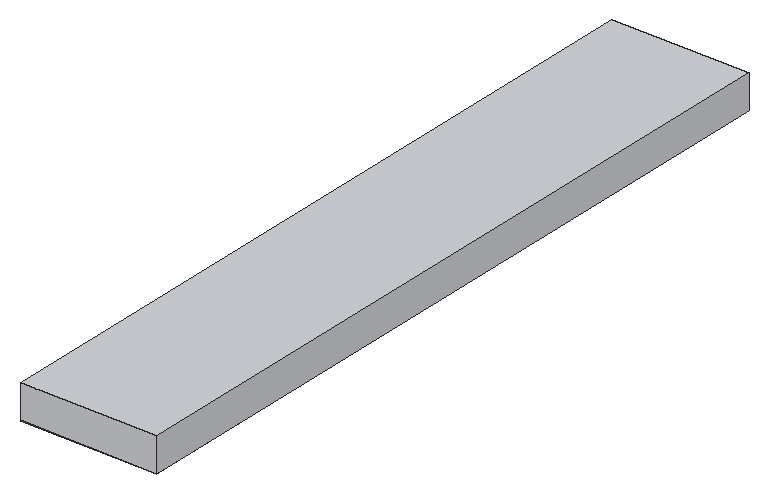
Revit family "ERK9584W_RAD766N", category 照明器具, Revit 2020
Family settings
  丸型コネクタ寸法 = 直径を使用
  パーツ タイプ = 標準
  OmniClass 番号 = 23.80.70.11.14.17
  OmniClass タイトル = Direct/Indirect
  作業面ベース = いいえ
  常に垂直 = はい
  ロード時にボイドで切り取り = はい
  光源 = はい
  共有 = いいえ
  部屋計算ポイント = いいえ
Parameters (values of type "ERK9584W_RAD766N")
  電源種別_記号 = "AC"
  電源種別 = ""
  防災用照明器具電源種別 = ""
  防災用照明器具種類 = ""
  運転質量 = 0.00 kg
  質量 = 0.00 kg
  負荷分類 = 8_照明
  積算_科目2 = "[1_1]照明"
  説明 = "ベースライト 逆富士 40Wタイプ W+230"
  誘導灯形式 = ""
  誘導灯仕様 = ""
  認定番号 = ""
  設置方法 = ""
  記号 = ""
  製造元 = "株式会社遠藤照明"
  製品質量 = 0.00 kg
  製品出荷対象 = ""
  製品リリース年月 = "2023.04"
  製品グループ = ""
  背面形式 = ""
  系統 [instance] = ""
  符号 = ""
  積算_科目 = "1 電灯設備"
  積算_拾い区分 = ""
  種別 [instance] = ""
  相 = 1
  皮相負荷 = 0 VA
  用途 = "E_一般照明"
  特殊仕様 [instance] = ""
  照明制御装置の種類 = ""
  法定耐用年数 = ""
  極数 = 1
  材質_本体 = none
  材質_反射板 = none
  材質_ルーバー = none
  材質_カバー = none
  材質 = ""
  既定の高さ = 0 mm
  形式 = "ベースライト"
  平均演色評価数(Ra) = 82
  定格消費電力 = 30.9 W
  定格入力電流 = 0 A
  定格入力電圧 = 0 V
  定格入力容量 = 0 VA
  定格光束 = 5173 lm
  安定器_蛍光灯 = ""
  安定器_定格電圧 = 0 V
  安定器_入力電流 = 0 A
  安定器_入力電力 = 0 W
  安定器_二次電圧 = 0 V
  埋込高さ = "0"
  埋込穴寸法 = "0"
  固有エネルギー消費効率(lm/W) = 167.4
  器具サイズ = ""
  呼称 = "ベースライト"
  周波数 = 0 Hz
  参照している仕様書等のバージョン = ""
  分類コード = "40305100000000"
  分類グループ = ""
  公共型番 = "LSS10-4-48"
  傾斜角 = 90.00°
  価格 = 29250
  企業コード = "6932"
  付属品 = ""
  仕様書バージョン = ""
  仕様 = ""
  Wattage = 34.8252 W
  built-in parameter 1150110 = 1 (stored number, unit not read)
  built-in parameter 1114217 = 1 (stored number, unit not read)
  built-in parameter 1150109 = 1 (stored number, unit not read)
  built-in parameter 1150134 = 2
  ランプの種類 = "LED"
  ランプ_電流 = 0 A
  ランプ_本数 = 0
  ランプ_定格消費電力 = 0 W
  ランプ_定格消費効率(lm/W) = 0
  ランプ_大きさ = ""
  ランプ_全光束 = 0 lm
  ランプ = "LED"
  モデル = "ERK9584W_RAD766N"
  フォトメトリック Web ファイル = "ERK9584W_RAD766N.IES"
  イメージ(タイプ) = <なし>
  シンボル表示 = yes
  built-in parameter 1150113 = 1 (stored number, unit not read)
  Lumens = 5173 lm
  built-in parameter 1150115 = 1 (stored number, unit not read)
  built-in parameter 1150105 = 411.65 (stored number, unit not read)
  built-in parameter 1150137 = (empty or 0)
  built-in parameter 1150139 = (empty or 0)
  built-in parameter 1150112 = 1 (stored number, unit not read)
  built-in parameter 1150114 = 1 (stored number, unit not read)
  built-in parameter 1150132 = 2
  built-in parameter 1150102 = (empty or 0)
  built-in parameter 1150138 = (empty or 0)
  built-in parameter 1150107 = 5000 (stored number, unit not read)
  built-in parameter 1150106 = 4.1165 (stored number, unit not read)
  built-in parameter 1150104 = 13.8 (stored number, unit not read)
  Dimming Lamp Color Temperature Shift = (empty or 0)
  サービススペース表示 = no
  コメント = ""
  グレア分類 = ""
  Keynote = ""
  Color Filter = 16777215
  built-in parameter 1114218 = 1 (stored number, unit not read)
  built-in parameter 1150133 = 10 (stored number, unit not read)
  カバー形状 = ""
  built-in parameter 1150142 = "IESNA:LM-63-2002\r\n[TEST] ERK9584W_RAD766N  HEC0K01(update:11111111)\r\n[MANUFAC] ENDO LIGHTING CORP.\r\n[LUMCAT] ERK9584W_RAD766N\r\n[LAMP] SDseries_5200lmÀ²Ìß_5000K 5000K\r\n[LAMPCAT] SDseries_5200lmÀ²??_5000K 5273 lm x1 5000K\r\nTILT=NONE\r\n1 5273 1.0 37 19 1 2 0 0 0\r\n1 1 0\r\n0 5 10 15 20 25 30 35 40 45 50 55 60 65 70 75 80 85 90 95 100 105 110 115 120 125 130 135 140 145 150 155 160 165 170 175 180 \r\n0 5 10 15 20 25 30 35 40 45 50 55 60 65 70 75 80 85 90 \r\n1600.3333 1599.2777 1580.0652 1547.9741 1503.6377 1447.5838 1381.2903 1304.9684 1218.4068 1124.8781 1026.1346 921.4373 814.386 708.0314 605.3715 506.4379 415.4744 335.1833\r\n267.1902 212.1708 169.8612 140.0503 113.8812 86.2143 52.5239 23.1605 4.2253 3.7018 3.6056 4.113 4.2679 4.535 4.3374 4.4816 4.7807 5.0959\r\n5.3309\r\n1600.3333 1598.4332 1579.2207 1547.1296 1502.5821 1447.056 1380.2347 1303.8072 1217.879 1123.6113 1024.53 920.0966 813.267 706.7752 603.9992 505.0551 414.081 333.8004\r\n265.8179 210.9146 168.7951 139.0685 113.0262 85.2526 51.7015 22.5018 4.0837 3.6803 3.6109 4.097 4.2707 4.5404 4.3374 4.4923 4.7914 5.1012\r\n5.3096\r\n1600.3333 1597.3776 1577.6373 1545.8629 1500.9986 1445.1559 1378.3346 1301.6959 1215.451 1121.3945 1022.1232 917.4259 810.0368 703.2283 600.1567 500.9592 409.7846 329.5462\r\n261.7326 207.1672 165.5859 136.2606 110.4821 82.4752 49.2979 20.5573 3.7177 3.6296 3.6163 4.0703 4.2733 4.543 4.34 4.5217 4.8101 5.0959\r\n5.2668\r\n1600.3333 1596.3219 1576.5817 1544.1739 1499.3096 1442.7279 1376.0122 1299.0568 1212.2842 1117.9109 1018.1223 912.8867 805.0648 697.6757 593.9601 494.2349 402.7541 322.5263\r\n254.9766 201.0023 160.2972 131.6897 106.2913 77.9877 45.4628 17.4453 3.2691 3.5789 3.643 4.0329 4.2707 4.5457 4.3454 4.551 4.8289 5.0719\r\n5.2348\r\n1600.3333 1595.2663 1575.7372 1542.9071 1497.5151 1441.1445 1373.5842 1295.89 1208.8006 1113.1606 1012.7809 906.7429 798.2243 690.054 585.5468 484.9876 393.0845 312.7723\r\n245.6343 192.5045 153.119 125.4404 100.5033 71.6582 40.2754 13.4814 3.0233 3.5494 3.7071 4.0089 4.2733 4.5538 4.3588 4.5777 4.8315 5.0532\r\n5.2187\r\n1600.3333 1593.3662 1573.3092 1540.268 1494.5593 1437.9776 1369.5729 1292.0897 1204.2614 1108.3047 1006.901 899.7969 789.7898 680.5006 575.001 473.4812 380.9131 300.432\r\n233.8218 181.8743 144.1883 117.5865 93.2384 63.779 33.9427 9.3746 3.05 3.5308 3.7845 4.0062 4.2974 4.5617 4.3695 4.5992 4.8235 5.0371\r\n5.2081\r\n1600.3333 1591.466 1571.198 1537.5234 1491.0757 1433.6495 1364.717 1286.4949 1198.0332 1101.9709 999.955 891.7847 780.3842 669.3848 562.3651 459.7475 366.3243 285.6954\r\n219.8347 169.3229 133.6743 108.3497 84.3711 54.538 26.662 5.5713 3.1008 3.5308 3.8673 4.0142 4.3241 4.5805 4.3747 4.6044 4.8208 5.0265\r\n5.2108\r\n1600.3333 1590.1993 1569.8256 1535.7288 1488.4367 1429.9548 1359.9666 1280.3722 1191.1716 1094.1593 991.4044 882.7063 770.0285 657.3717 548.3147 444.0186 349.5504 268.7103\r\n203.673 155.0085 121.8935 97.8051 73.9816 44.3892 18.5516 3.4267 3.1488 3.5468 3.9421 4.0356 4.3508 4.6044 4.3828 4.6044 4.8208 5.0238\r\n5.2134\r\n1600.3333 1590.4104 1569.6145 1535.4121 1487.0643 1427.2102 1355.9552 1274.9885 1184.7322 1086.4532 982.6004 872.0233 758.4588 644.3875 533.4093 426.928 331.098 249.9307\r\n185.8857 139.438 109.1204 86.267 62.0435 33.8392 10.5337 2.8791 3.1942 3.5949 3.9982 4.0757 4.3801 4.6205 4.3934 4.6018 4.8128 5.0265\r\n5.2161\r\n1600.3333 1590.7271 1569.2978 1534.5676 1485.692 1424.8878 1352.4717 1270.766 1178.8207 1079.2749 973.5115 861.6043 746.0129 630.1787 517.332 408.5811 311.0094 229.3881\r\n166.4938 122.7485 95.5619 73.8212 48.6624 23.0486 4.7674 2.9512 3.2637 3.6484 4.0649 4.113 4.4068 4.6392 4.4122 4.5992 4.8181 5.0318\r\n5.2161\r\n1600.3333 1590.9382 1569.0867 1534.0398 1484.1086 1422.4599 1349.3048 1266.2268 1173.2259 1072.5189 965.7737 851.7236 734.1265 615.9172 500.7481 389.5904 289.7807 207.6527\r\n146.1201 105.6262 81.4333 60.5477 35.068 12.2052 2.8924 3.002 3.3358 3.699 4.1424 4.1558 4.4282 4.6606 4.4282 4.6018 4.8181 5.0398\r\n5.2108\r\n1600.3333 1590.4104 1568.77 1533.3009 1483.3696 1420.3486 1346.0323 1261.6876 1167.6311 1065.8684 957.7615 842.9091 723.2324 602.2151 484.0797 369.9346 267.6125 184.735\r\n124.8281 88.2168 66.7706 45.884 22.0869 4.4068 2.8898 3.0741 3.3892 3.7552 4.2145 4.2119 4.4442 4.6846 4.4469 4.6072 4.8235 5.0478\r\n5.2134\r\n1600.3333 1589.8826 1567.1866 1531.4008 1480.9417 1417.0761 1342.0209 1257.1484 1162.2473 1059.218 949.7493 834.0946 712.6022 589.2626 467.9814 350.4371 245.022 160.994\r\n103.1476 71.0438 51.8673 30.3937 9.9088 2.9913 2.9592 3.1729 3.4373 3.8245 4.2946 4.2733 4.4602 4.7086 4.4629 4.6151 4.8208 5.0532\r\n5.2108\r\n1600.3333 1590.9382 1568.77 1531.4008 1480.4139 1416.3372 1340.1208 1254.1926 1158.0248 1054.436 943.6055 826.6207 703.5977 578.1996 453.8254 332.3014 223.1177 137.2212\r\n81.6466 54.671 36.8837 16.3454 3.5255 2.9913 3.0527 3.245 3.4934 3.8967 4.3561 4.3374 4.4789 4.7353 4.4816 4.6285 4.8289 5.0558\r\n5.2161\r\n1600.3333 1594.2107 1571.5146 1533.8287 1481.9973 1417.3928 1340.1208 1252.8203 1155.3858 1050.4351 938.7918 820.213 696.1767 568.8256 441.6751 316.0342 202.3113 113.7968\r\n60.7071 39.1269 21.3934 5.1279 3.3118 3.0448 3.1302 3.3331 3.5682 3.9608 4.4068 4.4014 4.5056 4.7594 4.5004 4.6418 4.8341 5.0585\r\n5.2161\r\n1600.3333 1594.7385 1571.7258 1533.8287 1481.4695 1416.865 1340.1208 1252.8203 1154.8579 1049.0945 936.1211 815.6633 690.0857 561.0034 431.6044 302.2265 183.3522 91.3425\r\n40.837 24.1707 8.1193 3.4721 3.3385 3.0715 3.237 3.4052 3.6029 4.0169 4.4469 4.4629 4.5484 4.7861 4.519 4.6579 4.8422 5.0612\r\n5.2187\r\n1600.3333 1594.4218 1571.198 1532.9842 1480.4139 1415.4927 1337.7984 1250.1812 1152.1133 1046.6982 933.4504 812.9925 686.4543 555.7147 424.0461 291.7547 168.2567 71.2845\r\n23.2091 10.5497 3.6857 3.4187 3.3652 3.205 3.3198 3.4721 3.6536 4.0596 4.4789 4.5056 4.5964 4.8074 4.5377 4.6765 4.8528 5.0665\r\n5.2241\r\n1600.3333 1591.2549 1568.0311 1530.0284 1477.1414 1412.0091 1334.3148 1246.6977 1148.9464 1042.6868 929.1751 808.1894 681.6195 550.9116 418.4829 284.302 157.4893 56.0866\r\n9.5883 3.8727 3.7124 3.6056 3.5255 3.2851 3.2958 3.5068 3.6697 4.0757 4.4923 4.5377 4.6339 4.8289 4.551 4.6926 4.8609 5.0692\r\n5.2295\r\n1600.3333 1585.3434 1562.4362 1524.4336 1471.0188 1406.4143 1329.459 1241.8418 1144.6183 1038.9499 925.1742 804.4525 678.0093 547.3541 415.1999 281.0717 153.7312 50.3176\r\n3.6857 3.8994 3.7391 3.5255 3.4187 3.2584 3.2904 3.5041 3.6803 4.081 4.503 4.5457 4.6526 4.8395 4.5617 4.7006 4.8662 5.0692\r\n5.2295\r\n"
  diameter = 0 mm
  Width = 230 mm
  Version = ""
  Uniclass2015Version = ""
  Uniclass2015Title = ""
  Uniclass2015Code = ""
  URL = "https://www.endo-lighting.co.jp/"
  SpecificationReference = ""
  SpecificationDescription = ""
  Revision = ""
  ProductInformation = ""
  OmniClassCode = "23.80.70.11.14.17"
  LED制御装置 = ""
  IfcTypeProduct = ""
  IfcProduct = ""
  IfcExportType = ""
  IfcExportAs = "IfcLightFixtureType"
  Height = 57 mm
  Depth = 1250 mm
  Clearance Top = 0 mm
  Clearance Right = 0 mm
  Clearance Left = 0 mm
  Clearance Front = 0 mm
  Clearance Bottom = 0 mm
  Clearance Back = 0 mm
  Author = "遠藤照明"
Reference planes
  plane 1 "光源軸(正面/背面)": y = 0
  plane 2: z = 0
  plane 3 "光源軸(左/右)": x = 0
  plane 4 "光源高さ": z = -157
  plane 5: x = 115
  plane 6: x = -115
  plane 7: y = 625
  plane 8: y = -625
  plane 9: z = -57
  plane 10: z = 0
  plane 11: z = -59
Forms (mm)
  Extrusion 1, solid
    sketch origin (0, 0, 0) x (1, 0, 0) y (0, 0, 1)
      loop
        line (-115, -57) -> (115, -57) -> (115, 0) -> (-115, 0) -> (-115, -57)
    from 625 to -625
  Extrusion 2, solid, material "発光面"
    sketch origin (0, 0, 0) x (1, 0, 0) y (0, 0, 1)
      loop
        line (-115, -59) -> (115, -59) -> (115, -57) -> (-115, -57) -> (-115, -59)
    from 625 to -625
Lines and regions (mm)
  symbolic lines, detail levels fine
    curve 1: line (115, 625, 0) -> (-115, 625, 0)
    curve 2: line (115, -625, 0) -> (115, 625, 0)
    curve 3: line (-115, 625, 0) -> (-115, -625, 0)
    curve 4: line (-115, -625, 0) -> (115, -625, 0)
Dimensions and locks
  equal spacing: plane 6, plane 3 "光源軸(左/右)", plane 5
  "Width": plane 6 to plane 5
  equal spacing: plane 8, plane 1 "光源軸(正面/背面)", plane 7
  "Depth": plane 8 to plane 7
  "Height": plane 2 to plane 9
  locked: plane 9 to plane 4 "光源高さ" at 100
  locked: plane 9 to plane 11 at 2
  aligned and locked: plane 3 "光源軸(左/右)" to imposter light
  aligned and locked: plane 1 "光源軸(正面/背面)" to imposter light
  aligned and locked: plane 4 "光源高さ" to imposter light
  aligned and locked: level to plane 2
  aligned and locked: plane 6 to Extrusion 1 sketch curve
  aligned and locked: plane 2 to Extrusion 1 sketch curve
  aligned and locked: plane 5 to Extrusion 1 sketch curve
  aligned and locked: plane 7 to Extrusion 1
  aligned and locked: plane 8 to Extrusion 1
  aligned and locked: Extrusion 2 sketch curve to plane 11
  aligned and locked: plane 6 to Extrusion 2 sketch curve
  aligned and locked: Extrusion 2 sketch curve to Extrusion 1  (x2)
  aligned and locked: plane 7 to Extrusion 2
  aligned and locked: plane 8 to Extrusion 2
  aligned and locked: curve 1 to Extrusion 1
  aligned and locked: curve 2 to Extrusion 1
  aligned and locked: curve 3 to Extrusion 1
  aligned and locked: curve 4 to Extrusion 1
Automatic sketch dimensions
  Extrusion 1 sketch curve to plane 9 = 0 mm
Nested families
  nested 1: "symbol_line" at (0, 0, 0) x (0, -1, 0) z (0, 0, 1), visible <- "シンボル表示", type "1/100", detail levels coarse+medium
Connectors
  electrical at (0, 0, 0), driven by "極数", driven by "負荷分類", driven by "定格入力電圧", driven by "皮相負荷"
    settings: on Extrusion 1, index 1, voltage 0 V, apparent load 0 VA, apparent load phase1 0 VA, apparent load phase2 0 VA, apparent load phase3 0 VA, power factor 1, load classification "8_照明", number of poles 1, system type 30, power factor state 1, is connector primary yes, connector utility no, sub classification motor no, connector description ""
Definition of nested family "symbol_line"
  Parameters (values of type "1/100")
    縮尺倍率 = if([縮尺1/50], 1.25, if([縮尺1/100], 1, if([縮尺1/200], 0.8, 0)))  # 1
    縮尺1/50 = no
    縮尺1/200 = no
    縮尺1/100 = yes
    W = 12 mm * 縮尺倍率  # 12 mm
    D = 1.5 mm * 縮尺倍率  # 1.5 mm
  Reference planes
    plane 1: y = 0
    plane 2: x = 0
  Lines and regions (mm)
    Masking region 1
      outline origin (0, 0, 0) x (1, 0, 0) y (0, 1, 0)
        loop
          line (-6, 0.75) -> (-6, -0.75) -> (6, -0.75) -> (6, 0.75) -> (-6, 0.75)
    reference lines
      curve 1: line (-304.8, 0.75, 0) -> (304.8, 0.75, 0)
      curve 2: line (304.8, -0.75, 0) -> (-304.8, -0.75, 0)
      curve 3: line (-6, -304.8, 0) -> (-6, 304.8, 0)
      curve 4: line (6, 304.8, 0) -> (6, -304.8, 0)
      curve 5: line (-6, 0.75, 0) -> (6, 0.75, 0)
      curve 6: line (-6, -0.75, 0) -> (-6, 0.75, 0)
      curve 7: line (6, 0.75, 0) -> (6, -0.75, 0)
    detail lines
      curve 8: line (-6, 0.75, 0) -> (6, 0.75, 0)
      curve 9: line (-6, -0.75, 0) -> (-6, 0.75, 0)
      curve 10: line (6, 0.75, 0) -> (6, -0.75, 0)
      curve 11: line (6, -0.75, 0) -> (-6, -0.75, 0)
  Dimensions and locks
    equal spacing: curve 2, plane 1, curve 1, locked at 0.75 each
    equal spacing: curve 3, plane 2, curve 4, locked at 6 each
    "W": curve 3 to curve 4
    "D": curve 2 to curve 1
    aligned and locked: curve 1 to curve 5
    aligned and locked: curve 3 to curve 6
    aligned and locked: curve 4 to curve 7
    aligned and locked: curve 9 to curve 6
    aligned and locked: curve 10 to curve 7
    aligned and locked: curve 1 to curve 8
    aligned and locked: curve 2 to curve 11
    aligned and locked: Masking region 1 sketch curve to curve 8
    aligned and locked: Masking region 1 sketch curve to curve 10
    aligned and locked: Masking region 1 sketch curve to curve 11
    aligned and locked: Masking region 1 sketch curve to curve 9
  Automatic sketch dimensions
    curve 1 to curve 5 = 298.8 mm
    curve 2 to curve 1 = 0 mm  (x2)
    curve 5 to curve 1 = 298.8 mm
    curve 4 to curve 7 = 304.05 mm
    curve 3 to curve 4 = 0 mm  (x2)
    curve 5 to curve 3 = 304.05 mm
